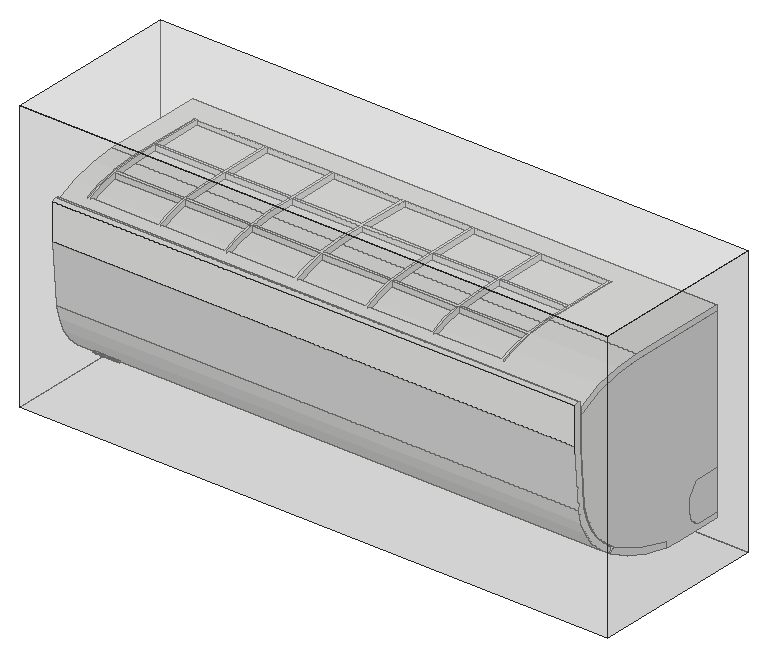
Revit family "outputfile", category 機械設備, Revit 2024
Family settings
  丸型コネクタ寸法 = 半径を使用
  パーツ タイプ = 標準
  OmniClass 番号 = 23.75.10.24.21.27.27
  OmniClass タイトル = Split System Air Conditioning Units
  作業面ベース = いいえ
  常に垂直 = はい
  ロード時にボイドで切り取り = いいえ
  注釈の向きを維持 = いいえ
  共有 = いいえ
  部屋計算ポイント = いいえ
Parameters (values of type "FXAQ20AVM")
  Description = ""
  製造元 = "Daikin"
  書き出し IFC クラス(タイプ) = "IfcUnitaryEquipmentType"
  定義済み IFC タイプ(タイプ) = "AIRCONDITIONINGUNIT"
  Cost = 0
  モデル = "FXAQ20AVM"
  Type Comments = ""
  Keynote = ""
  Type Image = (empty or 0)
  Assembly Code = ""
  w3_Indoor air flow = if(Width = 1050.0 mm, 109.0 mm, 1.0 mm)  # 1.0 mm
  w2_Indoor air flow = if(Width = 1050.0 mm, 103.0 mm, 98.0 mm)  # 98.0 mm
  w1_Indoor air flow = if(Width = 1050.0 mm, 108.0 mm, 103.0 mm)  # 103.0 mm
  r_Liquid Pipe Size = Liquid Pipe Size / 2  # 3.2 mm
  r_Gas Pipe Size = Gas Pipe Size / 2  # 6.35 mm
  r_Drain Pipe Size = Drain Pipe Size / 2  # 7.5 mm
  lw_powersupply [instance] = if(Width = 795.0 mm, if(or(Rear Right Connection_refrigerant, Bottom Right Connection_refrigerant), 83.0 mm, if(or(Rear Left Connection_refrigerant, Bottom Left Connection_refrigerant), 740.0 mm, 400.0 mm)), if(Width = 1050.0 mm, if(or(Rear Right Connection_refrigerant, Bottom Right Connection_refrigerant), 83.0 mm, if(or(Rear Left Connection_refrigerant, Bottom Left Connection_refrigerant), 712.0 mm + (1050.0 mm - 795.0 mm), 400.0 mm)), if(or(Rear Right Connection_refrigerant, Bottom Right Connection_refrigerant), 83.0 mm, if(or(Rear Left Connection_refrigerant, Bottom Left Connection_refrigerant), 712.0 mm, 400.0 mm))))  # 400.0 mm
  lw_liquidpipe [instance] = if(Width = 795.0 mm, if(or(Rear Right Connection_refrigerant, Bottom Right Connection_refrigerant), 0.0 mm, if(or(Rear Left Connection_refrigerant, Bottom Left Connection_refrigerant), 627.0 mm, 460.0 mm)), if(Width = 1050.0 mm, if(or(Rear Right Connection_refrigerant, Bottom Right Connection_refrigerant), 0.0 mm, if(or(Rear Left Connection_refrigerant, Bottom Left Connection_refrigerant), 627.0 mm + (1050.0 mm - 795.0 mm), 460.0 mm)), if(or(Rear Right Connection_refrigerant, Bottom Right Connection_refrigerant), 0.0 mm, if(or(Rear Left Connection_refrigerant, Bottom Left Connection_refrigerant), 627.0 mm, 460.0 mm))))  # 460.0 mm
  lw_gaspipe [instance] = if(Width = 795.0 mm, if(or(Rear Right Connection_refrigerant, Bottom Right Connection_refrigerant), 0.0 mm, if(or(Rear Left Connection_refrigerant, Bottom Left Connection_refrigerant), 620.0 mm, 415.0 mm)), if(Width = 1050.0 mm, if(or(Rear Right Connection_refrigerant, Bottom Right Connection_refrigerant), 0.0 mm, if(or(Rear Left Connection_refrigerant, Bottom Left Connection_refrigerant), 620.0 mm + (1050.0 mm - 795.0 mm), 415.0 mm)), if(or(Rear Right Connection_refrigerant, Bottom Right Connection_refrigerant), 0.0 mm, if(or(Rear Left Connection_refrigerant, Bottom Left Connection_refrigerant), 620.0 mm, 415.0 mm))))  # 415.0 mm
  lw_drainpipe [instance] = if(Width = 795.0 mm, if(or(Rear Right Connection_refrigerant, Bottom Right Connection_refrigerant), 0.0 mm, if(or(Rear Left Connection_refrigerant, Bottom Left Connection_refrigerant), 655.0 mm, 475.0 mm)), if(Width = 1050.0 mm, if(or(Rear Right Connection_refrigerant, Bottom Right Connection_refrigerant), 0.0 mm, if(or(Rear Left Connection_refrigerant, Bottom Left Connection_refrigerant), 655.0 mm + (1050.0 mm - 795.0 mm), 475.0 mm)), if(or(Rear Right Connection_refrigerant, Bottom Right Connection_refrigerant), 0.0 mm, if(or(Rear Left Connection_refrigerant, Bottom Left Connection_refrigerant), 655.0 mm, 475.0 mm))))  # 475.0 mm
  l_powersupply_length [instance] = if(Width = 795.0 mm, if(Right Connection_refrigerant, 400.0 mm, if(Left Connection_refrigerant, 395.0 mm, if(or(Rear Left Connection_refrigerant, Rear Right Connection_refrigerant), 15.0 mm, 50.0 mm))), if(Width = 1050.0 mm, if(Right Connection_refrigerant, 400.0 mm, if(Left Connection_refrigerant, 395.0 mm + (1050.0 mm - 795.0 mm), if(or(Rear Left Connection_refrigerant, Rear Right Connection_refrigerant), 15.0 mm, 50.0 mm))), if(Right Connection_refrigerant, 400.0 mm, if(Left Connection_refrigerant, 395.0 mm, if(or(Rear Left Connection_refrigerant, Rear Right Connection_refrigerant), 15.0 mm, 50.0 mm)))))  # 400.0 mm
  l_liquidpipe_length [instance] = if(Width = 795.0 mm, if(Right Connection_refrigerant, 558.0 mm, if(Left Connection_refrigerant, 237.0 mm, if(or(Rear Left Connection_refrigerant, Rear Right Connection_refrigerant), 30.0 mm, 40.0 mm))), if(Width = 1050.0 mm, if(Right Connection_refrigerant, 558.0 mm, if(Left Connection_refrigerant, 237.0 mm + (1050.0 mm - 795.0 mm), if(or(Rear Left Connection_refrigerant, Rear Right Connection_refrigerant), 30.0 mm, 40.0 mm))), if(Right Connection_refrigerant, 558.0 mm, if(Left Connection_refrigerant, 237.0 mm, if(or(Rear Left Connection_refrigerant, Rear Right Connection_refrigerant), 30.0 mm, 40.0 mm)))))  # 558.0 mm
  l_gaspipe_length [instance] = if(Width = 795.0 mm, if(Right Connection_refrigerant, 513.0 mm, if(Left Connection_refrigerant, 282.0 mm, if(or(Rear Left Connection_refrigerant, Rear Right Connection_refrigerant), 40.0 mm, 50.0 mm))), if(Width = 1050.0 mm, if(Right Connection_refrigerant, 513.0 mm, if(Left Connection_refrigerant, 282.0 mm + (1050.0 mm - 795.0 mm), if(or(Rear Left Connection_refrigerant, Rear Right Connection_refrigerant), 40.0 mm, 50.0 mm))), if(Right Connection_refrigerant, 513.0 mm, if(Left Connection_refrigerant, 282.0 mm, if(or(Rear Left Connection_refrigerant, Rear Right Connection_refrigerant), 40.0 mm, 50.0 mm)))))  # 513.0 mm
  l_drainpipe_length [instance] = if(Width = 795.0 mm, if(Right Connection_refrigerant, 573.0 mm, if(Left Connection_refrigerant, 222.0 mm, if(or(Rear Left Connection_refrigerant, Rear Right Connection_refrigerant), 15.0 mm, 20.0 mm))), if(Width = 1050.0 mm, if(Right Connection_refrigerant, 573.0 mm, if(Left Connection_refrigerant, 222.0 mm + (1050.0 mm - 795.0 mm), if(or(Rear Left Connection_refrigerant, Rear Right Connection_refrigerant), 15.0 mm, 20.0 mm))), if(Right Connection_refrigerant, 573.0 mm, if(Left Connection_refrigerant, 477.0 mm, if(or(Rear Left Connection_refrigerant, Rear Right Connection_refrigerant), 15.0 mm, 20.0 mm)))))  # 573.0 mm
  h*** = 0.0 mm  # constant formula
  d1_Indoor air flow = if(Width = 1050.0 mm, 38.0 mm, 35.0 mm)  # 35.0 mm
  angle_vertical [instance] = if(or(Bottom Left Connection_refrigerant, Bottom Right Connection_refrigerant), 0.00°, 90.00°)  # 90.00°
  angle_horizontal [instance] = if(Right Connection_refrigerant, 90.00°, if(Left Connection_refrigerant, -90.00°, if(or(Rear Left Connection_refrigerant, Rear Right Connection_refrigerant), 180.00°, 0.00°)))  # 90.00°
  Width = 795.0 mm
  Voltage_comment_60Hz = "220-230"
  Voltage_comment_50Hz = "220-240"
  Voltage_60Hz = 220 V
  Voltage_50Hz = 230 V
  Version = "ver.1.0"
  Unit Type = "Wall Mounted Type"
  Unit Mass Weight = 12.00 kg
  Unit Designation [instance] = ""
  Uniclass2015Version = "Products v1.30"
  Uniclass2015Title = "Variable refrigerant flow units"
  Uniclass2015Code = "Pr_70_65_03_94"
  URL = ""
  Total Heating Capacity [instance] = 0.000 kW
  Total Cooling Capacity [instance] = 0.000 kW
  Sound Pressure Level_M speed (dBA) = 0
  Sound Pressure Level_L speed (dBA) = 28.5
  Sound Pressure Level_H speed (dBA) = 33
  Sound Power Level_H speed (dB) = 0
  Series = "VRV Fan Coil Unit"
  Sensible Cooling Capacity [instance] = 0.000 kW
  Refrigerant Type = "R410A"
  Power Input (Heating) = 0.040 kW
  Power Input (Cooling) = 0.040 kW
  Phase_60Hz = 1
  Phase_50Hz = 1
  Option Accessory 3 [instance] = ""
  Option Accessory 2 [instance] = ""
  Option Accessory 1 [instance] = ""
  Nominal Heating Capacity = 2.500 kW
  Nominal Cooling Capacity = 2.200 kW
  Minimum Circuit Amps_60Hz = 0.6 A
  Minimum Circuit Amps_50Hz = 0.6 A
  Minimum Airflow = 420.00 m³/h
  Median Airflow = 0.00 m³/h
  Maximum Fuse Amps_60Hz = 15.0 A
  Maximum Fuse Amps_50Hz = 15.0 A
  Maximum Airflow = 546.00 m³/h
  Material_Casing = DAIKIN_White_Casing_indoorunit
  Load Classification = HVAC
  Liquid Pipe Size = 6.4 mm
  Link_Nested Family [instance] = ""
  IfcVersion = "0"
  IfcExportType = "AIRCONDITIONINGUNIT"
  IfcExportAs = "IfcUnitaryEquipmentType"
  Height = 290.0 mm
  Heating Entering Wet Bulb Temperature [instance] = 0.00 °C
  Heating Entering Dry Bulb Temperature [instance] = 0.00 °C
  Heating Ambient Wet Bulb Temperature [instance] = 0.00 °C
  Heating Ambient Dry Bulb Temperature [instance] = 0.00 °C
  Heat Exchanger Type = "Cross Fin Coil"
  Gas Pipe Size = 12.7 mm
  Frequency_60Hz = 60 Hz
  Frequency_50Hz = 50 Hz
  Fan Type = "Cross Flow Fan"
  Fan Drive = "Direct Drive"
  FCU Tag No. [instance] = ""
  Drain Pipe Size = 15.0 mm
  Design Supply Airflow [instance] = 0.00 m³/h
  Depth = 266.0 mm
  既定の高さ = 0.0 mm
  Cooling Entering Wet Bulb Temperature [instance] = 0.00 °C
  Cooling Entering Dry Bulb Temperature [instance] = 0.00 °C
  Cooling Ambient Wet Bulb Temperature [instance] = 0.00 °C
  Cooling Ambient Dry Bulb Temperature [instance] = 0.00 °C
  Clearance visibility [instance] = yes
  Clearance Top = 90.0 mm
  Clearance Right = 50.0 mm
  Clearance Rear = 0.0 mm
  Clearance Left = 50.0 mm
  Clearance Front = 0.0 mm
  Clearance Bottom = 30.0 mm
  Bottom Right Connection_refrigerant [instance] = no
  Bottom Left Connection_refrigerant [instance] = no
  Rear Right Connection_refrigerant [instance] = no
  Rear Left Connection_refrigerant [instance] = no
  Right Connection_refrigerant [instance] = yes
  Left Connection_refrigerant [instance] = no
Reference planes
  plane 1 "Back": y = 0
  plane 2: z = 0
  plane 3 "Center (Left/Right)": x = 0
  plane 4 "Center (Front/Back)": y = -133
  plane 5 "Front": y = -266
  plane 6 "Left": x = -397.5
  plane 7 "Right": x = 397.5
  plane 8 "Top": z = 0
  plane 9 "Bottom": z = -290
  plane 10 "Front panel_Left": x = -395.5
  plane 11 "Front panel_Right": x = 395.5
  plane 12: x = 261.5
  plane 13: x = 256.5
  plane 14: x = -445.5
  plane 15: x = 445.5
  plane 16: y = 0
  plane 17: y = -266
  plane 18: z = 90
  plane 19: z = -320
  plane 20: y = -35
  plane 21: y = -111.5
  plane 22: y = -187.5
  plane 23: y = -237
  plane 24: y = -115
  plane 25: y = -191
  plane 26: x = -50
  plane 27: x = -52
  plane 28: x = -48
  plane 29: x = 55
  plane 30: x = -155
  plane 31: x = -158
  plane 32: x = 58
  plane 33: x = -256
  plane 34: x = 156
  plane 35: x = -259
  plane 36: x = 159
  plane 37: x = -362
  plane 38: x = 262
  plane 39: x = -365
  plane 40: x = 265
  plane 41: x = 266
  plane 42: x = -366
  plane 43 "lw_Piping and Wiring intake": x = 299.5
  plane 44 "lw_gaspipe": x = -115.5
  plane 45 "lw_liquidpipe": x = -160.5
  plane 46 "lw_drainpipe": x = -175.5
  plane 47 "lh_drainpipe": z = -270
  plane 48 "lh_liquidpipe": z = -250
  plane 49 "lh_gaspipe": z = -240
  plane 50 "ld_drainpipe": y = -15
  plane 51 "ld_liquidpipe": y = -30
  plane 52 "ld_gaspipe": y = -40
  plane 53 "lw_powersupply": x = -2.5
Forms (mm)
  Extrusion 1, solid, material "DAIKIN_White_Casing_indoorunit" <- "Material_Casing"
    sketch origin (0, 0, 0) x (0, 1, 0) y (0, 0, 1)
      loop
        line (0, 0) -> (-151.682, 0)
        arc (-151.682, 0) -> (-205.302, -6.828) -> (-255.5, -26.876) r 213.958
        line (-255.5, -26.876) -> (-255.5, -36.08)
        arc (-255.5, -36.08) -> (-205.456, -15.144) -> (-151.682, -8) r 205.958
        line (-151.682, -8) -> (0, -8) -> (0, 0)
    from -397.5 to 397.5
  Extrusion 2, solid, material "DAIKIN_White_Casing_indoorunit" <- "Material_Casing"
    sketch origin (0, 0, 0) x (0, 1, 0) y (0, 0, 1)
      loop
        arc (-151.682, -8) -> (-205.456, -15.144) -> (-255.5, -36.08) r 205.958
        line (-255.5, -36.08) -> (-255.5, -86.08)
        arc (-255.5, -86.08) -> (-253.87, -125.667) -> (-248.99, -164.986) r 481.435
        arc (-248.99, -164.986) -> (-230.945, -209.78) -> (-195.65, -242.741) r 111.486
        arc (-195.65, -242.741) -> (-147.09, -265.96) -> (-95.247, -280.433) r 310.126
        line (-95.247, -280.433) -> (-95.247, -288.232)
        arc (-95.247, -288.232) -> (-84.534, -289.557) -> (-73.748, -290) r 131.592
        line (-73.748, -290) -> (0, -290) -> (0, -8) -> (-151.682, -8)
    from -397.5 to 397.5
  Extrusion 3, solid, material "DAIKIN_White_Casing_indoorunit" <- "Material_Casing"
    sketch origin (397.5, 1296.25, 1200) x (0, 1, 0) y (0, 0, 1)
      loop
        line (-1491.901, -1442.741) -> (-1496.494, -1450.482)
        arc (-1496.494, -1450.482) -> (-1447.058, -1474.911) -> (-1393.497, -1488.023) r 252.452
        line (-1393.497, -1488.023) -> (-1393.497, -1480.051)
        arc (-1393.497, -1480.051) -> (-1444.293, -1465.6) -> (-1491.901, -1442.741) r 310.126
    from 0 to -40.5
  Extrusion 4, solid, material "DAIKIN_White_Casing_indoorunit" <- "Material_Casing"
    sketch origin (0, 0, 0) x (0, 1, 0) y (0, 0, 1)
      loop
        line (-257, -76.896) -> (-257, -19.457) -> (-258.688, -19.457)
        arc (-258.688, -19.457) -> (-262.551, -20.17) -> (-266, -22.048) r 12.48
        line (-266, -22.048) -> (-266, -76.896) -> (-257, -76.896)
    from -395.5 to 395.5
  Extrusion 5, solid, material "DAIKIN_White_Casing_indoorunit" <- "Material_Casing"
    sketch origin (0, 0, 0) x (0, 1, 0) y (0, 0, 1)
      loop
        arc (-266, -76.896) -> (-264.342, -121.828) -> (-259.378, -166.517) r 609.735
        line (-259.378, -166.517) -> (-250.471, -165.192)
        arc (-250.471, -165.192) -> (-255.366, -121.165) -> (-257, -76.896) r 600.314
        line (-257, -76.896) -> (-266, -76.896)
    from -395.5 to 395.5
  Extrusion 6, solid, material "DAIKIN_White_Casing_indoorunit" <- "Material_Casing"
    sketch origin (0, 0, 0) x (0, 1, 0) y (0, 0, 1)
      loop
        arc (-259.378, -166.517) -> (-240.331, -214.672) -> (-201.947, -249.433) r 114
        line (-201.947, -249.433) -> (-197.324, -241.643)
        arc (-197.324, -241.643) -> (-232.845, -209.638) -> (-250.471, -165.192) r 104.894
        line (-250.471, -165.192) -> (-259.378, -166.517)
    from -395.5 to 395.5
  Extrusion 7, solid, material "DAIKIN_White_Casing_indoorunit" <- "Material_Casing"
    sketch origin (-397.5, 1296.25, 1200) x (0, 1, 0) y (0, 0, 1)
      loop
        arc (-1496.494, -1450.482) -> (-1447.058, -1474.911) -> (-1393.497, -1488.023) r 252.452
        line (-1393.497, -1488.023) -> (-1393.497, -1480.051)
        arc (-1393.497, -1480.051) -> (-1444.293, -1465.6) -> (-1491.901, -1442.741) r 310.126
        line (-1491.901, -1442.741) -> (-1496.494, -1450.482)
    from 0 to 40.5
  Extrusion 8, solid, material "DAIKIN_White_Casing_indoorunit" <- "Material_Casing"
    sketch origin (0, 0, 0) x (0, 1, 0) y (0, 0, 1)
      loop
        arc (-133.049, -280.649) -> (-115.282, -284.985) -> (-97.247, -288.023) r 252.452
        line (-97.247, -288.023) -> (-97.247, -280.051)
        arc (-97.247, -280.051) -> (-113.907, -276.335) -> (-130.338, -271.708) r 310.126
        line (-130.338, -271.708) -> (-133.049, -280.649)
    from -357 to 357
  Extrusion 9, solid, material "DAIKIN_White_Casing_indoorunit" <- "Material_Casing"
    sketch origin (261.5, -1524, 1789.769) x (0, 0, 1) y (0, -1, 0)
      loop
        line (-2032.51, -1328.35) -> (-2040.251, -1323.756)
        arc (-2040.251, -1323.756) -> (-2050.358, -1341.058) -> (-2059.061, -1359.107) r 252.452
        line (-2059.061, -1359.107) -> (-2050.603, -1364.126)
        arc (-2050.603, -1364.126) -> (-2042.135, -1345.945) -> (-2032.51, -1328.35) r 310.126
    from 0 to 95.5
  Extrusion 10, solid, material "DAIKIN_White_Casing_indoorunit" <- "Material_Casing"
    sketch origin (261.5, -1524, 1789.769) x (0, 0, 1) y (0, -1, 0)
      loop
        arc (-2059.061, -1359.107) -> (-2065.273, -1374.839) -> (-2070.418, -1390.951) r 252.452
        line (-2070.418, -1390.951) -> (-2061.477, -1393.662)
        arc (-2061.477, -1393.662) -> (-2056.415, -1378.756) -> (-2050.603, -1364.126) r 310.126
        line (-2050.603, -1364.126) -> (-2059.061, -1359.107)
    from 0 to 95.5
  Extrusion 11, solid, material "DAIKIN_White_Casing_indoorunit" <- "Material_Casing"
    sketch origin (256.5, -1524, 1089.438) x (0, 0, 1) y (0, -1, 0)
      loop
        arc (-1350.272, -1364.126) -> (-1341.805, -1345.945) -> (-1332.179, -1328.35) r 310.126
        line (-1332.179, -1328.35) -> (-1339.92, -1323.756)
        arc (-1339.92, -1323.756) -> (-1350.027, -1341.058) -> (-1358.73, -1359.107) r 252.452
        line (-1358.73, -1359.107) -> (-1350.272, -1364.126)
    from 0 to -613.5
  Extrusion 12, solid, material "DAIKIN_White_Casing_indoorunit" <- "Material_Casing"
    sketch origin (256.5, -1524, 1089.438) x (0, 0, 1) y (0, -1, 0)
      loop
        arc (-1361.147, -1393.662) -> (-1356.085, -1378.756) -> (-1350.272, -1364.126) r 310.126
        line (-1350.272, -1364.126) -> (-1358.73, -1359.107)
        arc (-1358.73, -1359.107) -> (-1364.943, -1374.839) -> (-1370.087, -1390.951) r 252.452
        line (-1370.087, -1390.951) -> (-1361.147, -1393.662)
    from 0 to -613.5
  Extrusion 13, void
    sketch origin (0, 0, 0) x (-1, 0, 0) y (0, -1, 0)
      loop
        line (48, 35) -> (48, 111.5) -> (-55, 111.5) -> (-55, 35) -> (48, 35)
      loop
        line (-58, 35) -> (-58, 111.5) -> (-156, 111.5) -> (-156, 35) -> (-58, 35)
      loop
        line (-159, 35) -> (-159, 111.5) -> (-262, 111.5) -> (-262, 35) -> (-159, 35)
      loop
        line (-265, 35) -> (-265, 111.5) -> (-266, 111.5) -> (-266, 35) -> (-265, 35)
      loop
        line (155, 35) -> (155, 111.5) -> (52, 111.5) -> (52, 35) -> (155, 35)
      loop
        line (-265, 115) -> (-265, 187.5) -> (-266, 187.5) -> (-266, 115) -> (-265, 115)
      loop
        line (-265, 191) -> (-265, 237) -> (-266, 237) -> (-266, 191) -> (-265, 191)
      loop
        line (-159, 237) -> (-262, 237) -> (-262, 191) -> (-159, 191) -> (-159, 237)
      loop
        line (-58, 237) -> (-156, 237) -> (-156, 191) -> (-58, 191) -> (-58, 237)
      loop
        line (-55, 191) -> (48, 191) -> (48, 237) -> (-55, 237) -> (-55, 191)
      loop
        line (155, 237) -> (52, 237) -> (52, 191) -> (155, 191) -> (155, 237)
      loop
        line (256, 237) -> (158, 237) -> (158, 191) -> (256, 191) -> (256, 237)
      loop
        line (362, 237) -> (259, 237) -> (259, 191) -> (362, 191) -> (362, 237)
      loop
        line (158, 35) -> (256, 35) -> (256, 111.5) -> (158, 111.5) -> (158, 35)
      loop
        line (259, 35) -> (362, 35) -> (362, 111.5) -> (259, 111.5) -> (259, 35)
      loop
        line (362, 115) -> (362, 187.5) -> (259, 187.5) -> (259, 115) -> (362, 115)
      loop
        line (256, 115) -> (256, 187.5) -> (158, 187.5) -> (158, 115) -> (256, 115)
      loop
        line (155, 115) -> (155, 187.5) -> (52, 187.5) -> (52, 115) -> (155, 115)
      loop
        line (48, 115) -> (48, 187.5) -> (-55, 187.5) -> (-55, 115) -> (48, 115)
      loop
        line (-58, 115) -> (-58, 187.5) -> (-156, 187.5) -> (-156, 115) -> (-58, 115)
      loop
        line (-159, 115) -> (-159, 187.5) -> (-262, 187.5) -> (-262, 115) -> (-159, 115)
      loop
        line (365, 35) -> (366, 35) -> (366, 111.5) -> (365, 111.5) -> (365, 35)
      loop
        line (366, 115) -> (366, 187.5) -> (365, 187.5) -> (365, 115) -> (366, 115)
      loop
        line (366, 237) -> (365, 237) -> (365, 191) -> (366, 191) -> (366, 237)
    from 2 to -30
  Extrusion 14, solid, material "DAIKIN_White_Casing_indoorunit" <- "Material_Casing"
    sketch origin (0, 0, 0) x (1, 0, 0) y (0, 0, 1)
      loop
        circle (299.5, -246) r 40
      loop
        circle (-337.5, -246) r 40
    from 0 to 5
  Extrusion 15, solid, material "DAIKIN_White_Casing_indoorunit" <- "Material_Casing"
    sketch origin (397.5, 1296.25, 1200) x (0, -1, 0) y (0, 0, 1)
      loop
        line (1326.25, -1422) -> (1296.25, -1422) -> (1296.25, -1482) -> (1326.25, -1482)
        arc (1326.25, -1482) -> (1340.393, -1476.142) -> (1346.25, -1462) r 20
        line (1346.25, -1462) -> (1346.25, -1442)
        arc (1346.25, -1442) -> (1340.393, -1427.858) -> (1326.25, -1422) r 20
    from 0 to 5
  Extrusion 16, solid, material "DAIKIN_White_Casing_indoorunit" <- "Material_Casing"
    sketch origin (-397.5, 1296.25, 1200) x (0, 1, 0) y (0, 0, 1)
      loop
        line (-1296.25, -1422) -> (-1326.25, -1422)
        arc (-1326.25, -1422) -> (-1340.393, -1427.858) -> (-1346.25, -1442) r 20
        line (-1346.25, -1442) -> (-1346.25, -1462)
        arc (-1346.25, -1462) -> (-1340.393, -1476.142) -> (-1326.25, -1482) r 20
        line (-1326.25, -1482) -> (-1296.25, -1482) -> (-1296.25, -1422)
    from 0 to 5
  Extrusion 17, solid, material "DAIKIN_White_Casing_indoorunit" <- "Material_Casing"
    sketch origin (0, 0, -290) x (-1, 0, 0) y (0, -1, 0)
      loop
        line (-269.5, 0) -> (-269.5, 30)
        arc (-269.5, 30) -> (-275.358, 44.142) -> (-289.5, 50) r 20
        line (-289.5, 50) -> (-309.5, 50)
        arc (-309.5, 50) -> (-323.642, 44.142) -> (-329.5, 30) r 20
        line (-329.5, 30) -> (-329.5, 0) -> (-269.5, 0)
      loop
        line (367.5, 0) -> (367.5, 30)
        arc (367.5, 30) -> (361.642, 44.142) -> (347.5, 50) r 20
        line (347.5, 50) -> (327.5, 50)
        arc (327.5, 50) -> (313.358, 44.142) -> (307.5, 30) r 20
        line (307.5, 30) -> (307.5, 0) -> (367.5, 0)
    from 0 to 5
Cuts and joins
  joined: Extrusion 4, Extrusion 5, Extrusion 6
  joined: Extrusion 3, Extrusion 7, Extrusion 8
  Extrusion 13 cuts Extrusion 1
Lines and regions (mm)
  reference lines
    curve 1: line (-395.5, -227.394, -229.966) -> (-395.5, -220.117, -236.824)
Dimensions and locks
  equal spacing: plane 6 "Left", plane 3 "Center (Left/Right)", plane 7 "Right"
  "Width": plane 6 "Left" to plane 7 "Right"
  equal spacing: plane 5 "Front", plane 4 "Center (Front/Back)", plane 1 "Back"
  "Depth": plane 5 "Front" to plane 1 "Back"
  "Height": plane 8 "Top" to plane 9 "Bottom"
  locked: Extrusion 1 sketch curve to Extrusion 1 sketch curve at 8
  locked: Extrusion 2 sketch curve to plane 1 "Back" at 73.748
  locked: Extrusion 3 sketch curve to plane 1 "Back" at 97.247
  locked: Extrusion 4 sketch curve to Extrusion 4 sketch curve at 9
  locked: plane 8 "Top" to Extrusion 4 sketch curve at 19.457
  locked: plane 5 "Front" to Extrusion 6 sketch curve at 6.622
  locked: plane 5 "Front" to Extrusion 6 sketch curve at 15.529
  locked: plane 10 "Front panel_Left" to plane 6 "Left" at 2
  locked: plane 7 "Right" to plane 11 "Front panel_Right" at 2
  locked: cut or joined group of Extrusion 3, Extrusion 7, Extrusion 8 to Extrusion 9 sketch curve at 40
  locked: plane 7 "Right" to plane 12 at 136
  locked: plane 12 to plane 13 at 5
  "Clearance Left": plane 14 to plane 10 "Front panel_Left"
  "Clearance Right": plane 11 "Front panel_Right" to plane 15
  "Clearance Rear": plane 16 to plane 1 "Back"
  "Clearance Front": plane 17 to plane 5 "Front"
  "Clearance Top": plane 18 to plane 8 "Top"
  "Clearance Bottom": plane 9 "Bottom" to plane 19
  locked: nested 2 to plane 10 "Front panel_Left" at 50
  "d1_Indoor air flow": plane 20 to plane 1 "Back"
  locked: plane 20 to plane 21 at 76.5
  locked: plane 21 to plane 24 at 3.5
  locked: plane 24 to plane 22 at 72.5
  locked: plane 22 to plane 25 at 3.5
  locked: plane 25 to plane 23 at 46
  locked: plane 26 to plane 3 "Center (Left/Right)" at 50
  equal spacing: plane 27, plane 26, plane 28
  locked: plane 27 to plane 28 at 4
  "w1_Indoor air flow": plane 28 to plane 29
  "w1_Indoor air flow": plane 30 to plane 27
  locked: plane 31 to plane 30 at 3
  locked: plane 29 to plane 32 at 3
  "w2_Indoor air flow": plane 33 to plane 31
  "w2_Indoor air flow": plane 32 to plane 34
  locked: plane 35 to plane 33 at 3
  locked: plane 34 to plane 36 at 3
  locked: plane 37 to plane 35 at 103
  locked: plane 36 to plane 38 at 103
  locked: plane 39 to plane 37 at 3
  locked: plane 38 to plane 40 at 3
  "w3_Indoor air flow": plane 40 to plane 41
  "w3_Indoor air flow": plane 42 to plane 39
  locked: plane 9 "Bottom" to Extrusion 14 sketch curve at 44  (x2)
  locked: Extrusion 14 sketch curve to plane 6 "Left" at 60
  locked: plane 7 "Right" to Extrusion 14 sketch curve at 98
  locked: plane 43 "lw_Piping and Wiring intake" to plane 7 "Right" at 98
  "lw_gaspipe": plane 44 "lw_gaspipe" to plane 43 "lw_Piping and Wiring intake"
  "lw_liquidpipe": plane 45 "lw_liquidpipe" to plane 43 "lw_Piping and Wiring intake"
  "lw_drainpipe": plane 46 "lw_drainpipe" to plane 43 "lw_Piping and Wiring intake"
  locked: plane 47 "lh_drainpipe" to plane 9 "Bottom" at 20
  locked: plane 48 "lh_liquidpipe" to plane 9 "Bottom" at 40
  locked: plane 49 "lh_gaspipe" to plane 9 "Bottom" at 50
  locked: plane 50 "ld_drainpipe" to plane 1 "Back" at 15
  locked: plane 1 "Back" to plane 51 "ld_liquidpipe" at 30
  locked: plane 1 "Back" to plane 52 "ld_gaspipe" at 40
  Extrusion 15 sketch curve to Extrusion 15 sketch curve to plane 9 "Bottom" = 60.0 mm locked, 8.0 mm locked
  locked: Extrusion 15 sketch curve to Extrusion 15 sketch curve at 50
  locked: Extrusion 17 sketch curve to Extrusion 17 sketch curve at 60  (x2)
  locked: Extrusion 17 sketch curve to Extrusion 17 sketch curve at 50
  locked: Extrusion 17 sketch curve to plane 43 "lw_Piping and Wiring intake" at 30
  locked: plane 6 "Left" to Extrusion 17 sketch curve at 30
  "lw_powersupply": plane 53 "lw_powersupply" to plane 7 "Right"
  radius of Extrusion 5 sketch curve = 609.735 mm
  radius of Extrusion 5 sketch curve = 600.314 mm
  aligned and locked: level to plane 2
  aligned and locked: plane 8 "Top" to Extrusion 1 sketch curve
  aligned and locked: plane 1 "Back" to Extrusion 1 sketch curve
  aligned and locked: Extrusion 1 to plane 6 "Left"
  aligned and locked: plane 7 "Right" to Extrusion 1
  aligned and locked: Extrusion 2 sketch curve to Extrusion 1
  aligned and locked: Extrusion 1 to Extrusion 2 sketch curve
  aligned and locked: plane 1 "Back" to Extrusion 2 sketch curve
  aligned and locked: Extrusion 2 sketch curve to plane 9 "Bottom"
  aligned and locked: Extrusion 2 to plane 6 "Left"
  aligned and locked: plane 7 "Right" to Extrusion 2
  aligned and locked: Extrusion 3 sketch curve to Extrusion 2
  aligned and locked: plane 5 "Front" to Extrusion 4 sketch curve
  aligned and locked: Extrusion 5 sketch curve to Extrusion 4
  aligned and locked: Extrusion 6 sketch curve to Extrusion 5
  aligned and locked: cut or joined group of Extrusion 4, Extrusion 5, Extrusion 6 to plane 11 "Front panel_Right"  (x3)
  aligned and locked: plane 10 "Front panel_Left" to cut or joined group of Extrusion 4, Extrusion 5, Extrusion 6  (x3)
  aligned and locked: Extrusion 7 sketch curve to Extrusion 3  (x4)
  aligned and locked: Extrusion 8 sketch curve to Extrusion 3  (x3)
  aligned and locked: Extrusion 8 to Extrusion 3
  aligned and locked: Extrusion 8 to Extrusion 7
  aligned and locked: Extrusion 9 sketch curve to cut or joined group of Extrusion 3, Extrusion 7, Extrusion 8  (x3)
  aligned and locked: Extrusion 10 sketch curve to cut or joined group of Extrusion 3, Extrusion 7, Extrusion 8  (x3)
  aligned and locked: Extrusion 10 sketch curve to Extrusion 9
  aligned and locked: Extrusion 9 to cut or joined group of Extrusion 3, Extrusion 7, Extrusion 8
  aligned and locked: Extrusion 10 to cut or joined group of Extrusion 3, Extrusion 7, Extrusion 8
  aligned and locked: Extrusion 11 sketch curve to Extrusion 9  (x4)
  aligned and locked: Extrusion 11 to cut or joined group of Extrusion 3, Extrusion 7, Extrusion 8
  aligned and locked: Extrusion 12 sketch curve to Extrusion 10  (x4)
  aligned and locked: Extrusion 12 to cut or joined group of Extrusion 3, Extrusion 7, Extrusion 8
  aligned and locked: plane 16 to nested 1
  aligned and locked: nested 1 to plane 17
  aligned and locked: plane 14 to nested 1
  aligned and locked: plane 15 to nested 1
  aligned and locked: plane 19 to nested 1
  aligned and locked: plane 18 to nested 1
  aligned and locked: nested 2 to curve 1
  aligned and locked: Extrusion 13 sketch curve to plane 20  (x5)
  aligned and locked: plane 28 to Extrusion 13 sketch curve  (x2)
  aligned and locked: plane 21 to Extrusion 13 sketch curve  (x5)
  aligned and locked: Extrusion 13 sketch curve to plane 29  (x2)
  aligned and locked: plane 32 to Extrusion 13 sketch curve  (x2)
  aligned and locked: Extrusion 13 sketch curve to plane 34  (x2)
  aligned and locked: plane 36 to Extrusion 13 sketch curve  (x2)
  aligned and locked: Extrusion 13 sketch curve to plane 38  (x2)
  aligned and locked: plane 40 to Extrusion 13 sketch curve  (x3)
  aligned and locked: Extrusion 13 sketch curve to plane 41  (x3)
  aligned and locked: plane 30 to Extrusion 13 sketch curve  (x2)
  aligned and locked: Extrusion 13 sketch curve to plane 27  (x2)
  aligned and locked: Extrusion 13 sketch curve to plane 24  (x8)
  aligned and locked: plane 22 to Extrusion 13 sketch curve  (x8)
  aligned and locked: Extrusion 13 sketch curve to plane 25
  aligned and locked: plane 23 to Extrusion 13 sketch curve
  aligned and locked: Extrusion 13 sketch curve to plane 23  (x7)
  aligned and locked: Extrusion 13 sketch curve to plane 36
  aligned and locked: plane 25 to Extrusion 13 sketch curve  (x7)
  aligned and locked: plane 38 to Extrusion 13 sketch curve
  aligned and locked: Extrusion 13 sketch curve to plane 32
  aligned and locked: plane 34 to Extrusion 13 sketch curve
  aligned and locked: plane 29 to Extrusion 13 sketch curve
  aligned and locked: Extrusion 13 sketch curve to plane 28
  aligned and locked: Extrusion 13 sketch curve to plane 30
  aligned and locked: plane 27 to Extrusion 13 sketch curve
  aligned and locked: Extrusion 13 sketch curve to plane 33  (x2)
  aligned and locked: plane 31 to Extrusion 13 sketch curve  (x2)
  aligned and locked: Extrusion 13 sketch curve to plane 37  (x2)
  aligned and locked: plane 35 to Extrusion 13 sketch curve  (x2)
  aligned and locked: plane 20 to Extrusion 13 sketch curve  (x3)
  aligned and locked: Extrusion 13 sketch curve to plane 21  (x3)
  aligned and locked: plane 37 to Extrusion 13 sketch curve
  aligned and locked: Extrusion 13 sketch curve to plane 35
  aligned and locked: plane 33 to Extrusion 13 sketch curve
  aligned and locked: Extrusion 13 sketch curve to plane 31
  aligned and locked: plane 39 to Extrusion 13 sketch curve  (x2)
  aligned and locked: Extrusion 13 sketch curve to plane 42  (x2)
  aligned and locked: plane 42 to Extrusion 13 sketch curve
  aligned and locked: Extrusion 13 sketch curve to plane 39
  aligned and locked: plane 1 "Back" to Extrusion 15 sketch curve
  aligned and locked: Extrusion 16 sketch curve to Extrusion 15  (x4)
  aligned and locked: Extrusion 17 sketch curve to Extrusion 17 sketch curve  (x2)
  aligned and locked: plane 1 "Back" to Extrusion 17 sketch curve
  aligned and locked: plane 44 "lw_gaspipe" to nested 3
  aligned and locked: nested 3 to plane 52 "ld_gaspipe"
  aligned and locked: plane 45 "lw_liquidpipe" to nested 4
  aligned and locked: nested 4 to plane 51 "ld_liquidpipe"
  aligned and locked: plane 46 "lw_drainpipe" to nested 5
  aligned and locked: nested 5 to plane 50 "ld_drainpipe"
  aligned and locked: nested 6 to plane 50 "ld_drainpipe"
  aligned and locked: plane 53 "lw_powersupply" to nested 6
  aligned and locked: level to plane 8 "Top"
Automatic sketch dimensions
  Extrusion 1 sketch curve to plane 8 "Top" = 0.0 mm
  Extrusion 1 sketch curve to plane 4 "Center (Front/Back)" = 18.682 mm
  Extrusion 1 sketch curve to Extrusion 1 sketch curve = 9.205 mm
  Extrusion 1 sketch curve to Extrusion 1 sketch curve = 0.0 mm  (x3)
  Extrusion 1 sketch curve to plane 5 "Front" = 10.5 mm
  Extrusion 2 sketch curve to plane 4 "Center (Front/Back)" = 6.011 mm
  plane 9 "Bottom" to Extrusion 2 sketch curve = 9.567 mm
  Extrusion 2 sketch curve to Extrusion 2 sketch curve = 21.499 mm
  plane 1 "Back" to Extrusion 2 sketch curve = 38.095 mm
  Extrusion 2 sketch curve to plane 8 "Top" = 86.08 mm
  Extrusion 2 sketch curve to Extrusion 2 sketch curve = 7.799 mm
  Extrusion 2 sketch curve to Extrusion 2 sketch curve = 11.695 mm
  plane 8 "Top" to Extrusion 2 sketch curve = 24.382 mm
  Extrusion 2 sketch curve to Extrusion 2 sketch curve = 0.0 mm  (x2)
  Extrusion 4 sketch curve to Extrusion 4 sketch curve = 1.688 mm
  Extrusion 4 sketch curve to plane 5 "Front" = 7.618 mm
  Extrusion 4 sketch curve to Extrusion 4 sketch curve = 12.476 mm
  Extrusion 4 sketch curve to Extrusion 4 sketch curve = 44.963 mm
  Extrusion 5 sketch curve to Extrusion 5 sketch curve = 0.421 mm
  Extrusion 5 sketch curve to plane 5 "Front" = 6.622 mm
  Extrusion 5 sketch curve to Extrusion 5 sketch curve = 8.907 mm
  Extrusion 5 sketch curve to plane 5 "Front" = 0.0 mm
  plane 9 "Bottom" to Extrusion 6 sketch curve = 40.567 mm
  Extrusion 6 sketch curve to Extrusion 6 sketch curve = 4.622 mm
  Extrusion 6 sketch curve to Extrusion 6 sketch curve = 0.102 mm
  Extrusion 6 sketch curve to Extrusion 6 sketch curve = 0.003 mm
  Extrusion 6 sketch curve to Extrusion 6 sketch curve = 48.524 mm
  Extrusion 6 sketch curve to Extrusion 6 sketch curve = 50.607 mm
  plane 9 "Bottom" to Extrusion 3 sketch curve = 47.259 mm
  Extrusion 3 sketch curve to Extrusion 3 sketch curve = 4.593 mm
  plane 1 "Back" to Extrusion 3 sketch curve = 64.356 mm
  plane 9 "Bottom" to Extrusion 3 sketch curve = 1.977 mm
  Extrusion 3 sketch curve to Extrusion 3 sketch curve = 7.741 mm
  plane 4 "Center (Front/Back)" to Extrusion 8 sketch curve = 2.662 mm
  Extrusion 8 sketch curve to plane 4 "Center (Front/Back)" = 0.049 mm
  plane 9 "Bottom" to curve 1 = 53.176 mm
  curve 1 to plane 5 "Front" = 45.883 mm
  curve 1 to curve 1 = 6.859 mm
  curve 1 to curve 1 = 7.277 mm
  Extrusion 15 sketch curve to plane 51 "ld_liquidpipe" = 0.0 mm  (x2)
  Extrusion 17 sketch curve to plane 51 "ld_liquidpipe" = 0.0 mm  (x4)
  radius of Extrusion 14 sketch curve = 40.0 mm  (x2)
Nested families
  nested 1: "daikin_clearancespace" at (0, -133, -114.881), show <- "Clearance visibility", visible <- "Clearance visibility", Link_Nested Family <- "Link_Nested Family", type "daikin_clearancespace"
    with width 891.0 mm, show yes, height 410.0 mm, depth 266.0 mm, Link_Nested Family ""
  nested 2: "daikin_logo_plane_w40" at (-345.5, -227.722, -229.657) x (1, 0, 0) z (0, -0.6859, -0.7277), type "daikin_logo_plane_w40"
    with show_logo yes
  nested 3: "daikin_connector_rotate3" at (-115.5, -40, -240), angle_vertical <- "angle_vertical", angle_horizontal <- "angle_horizontal", length <- "l_gaspipe_length", radius <- "r_Gas Pipe Size", type "daikin_connector_rotate3"
    with show no, radius 6.35 mm, length 513.0 mm, angle_vertical 90.00°, angle_horizontal 90.00°
  nested 4: "daikin_connector_rotate3" at (-160.5, -30, -250), angle_vertical <- "angle_vertical", angle_horizontal <- "angle_horizontal", radius <- "r_Liquid Pipe Size", length <- "l_liquidpipe_length", type "daikin_connector_rotate3"
    with show no, radius 3.2 mm, length 558.0 mm, angle_vertical 90.00°, angle_horizontal 90.00°
  nested 5: "daikin_connector_rotate3" at (-175.5, -15, -270), angle_vertical <- "angle_vertical", angle_horizontal <- "angle_horizontal", length <- "l_drainpipe_length", radius <- "r_Drain Pipe Size", type "daikin_connector_rotate3"
    with show no, radius 7.5 mm, length 573.0 mm, angle_vertical 90.00°, angle_horizontal 90.00°
  nested 6: "daikin_connector_rotate3" at (-2.5, -15, -240), angle_vertical <- "angle_vertical", angle_horizontal <- "angle_horizontal", length <- "l_powersupply_length", type "daikin_connector_rotate3"
    with show no, radius 10.0 mm, length 400.0 mm, angle_vertical 90.00°, angle_horizontal 90.00°
Connectors
  piping at (397.5, -40, -240), diameter 12.7, driven by "r_Gas Pipe Size"
    settings: on nested 3, index 1, connector inside diameter 609.6 mm, connector length 0.0 mm, flow factor 0, pipe flow 0.00 m³/h, pressure drop 0.0 Pa, fitting loss kfactor 0, connector angle 0.00°, fixture units 0, engagement length 0.0 mm, angle of deflection 0.00°, flow configuration 1, flow direction 2, fitting loss method 0, system type 29, joint type 0, gender type 0, connector reference index -1, connector utility 0, adjustable connector no, is connector primary yes, connector description "Refrigerant Gas Piping"
  piping at (397.5, -30, -250), diameter 6.4, driven by "r_Liquid Pipe Size"
    settings: on nested 4, index 2, connector inside diameter 609.6 mm, connector length 0.0 mm, flow factor 0, pipe flow 0.00 m³/h, pressure drop 0.0 Pa, fitting loss kfactor 0, connector angle 0.00°, fixture units 0, engagement length 0.0 mm, angle of deflection 0.00°, flow configuration 1, flow direction 1, fitting loss method 0, system type 29, joint type 0, gender type 0, connector reference index -1, connector utility 0, adjustable connector no, is connector primary no, connector description "Refrigerant Liquid Piping"
  piping at (397.5, -15, -270), diameter 15, driven by "r_Drain Pipe Size"
    settings: on nested 5, index 3, connector inside diameter 609.6 mm, connector length 0.0 mm, flow factor 0, pipe flow 0.00 m³/h, pressure drop 0.0 Pa, fitting loss kfactor 0, connector angle 0.00°, fixture units 0, engagement length 0.0 mm, angle of deflection 0.00°, flow configuration 1, flow direction 2, fitting loss method 4, system type 16, joint type 0, gender type 0, connector reference index -1, connector utility 0, adjustable connector no, is connector primary no, connector description "Condensate Drain Piping"
  electrical at (397.5, -15, -240), driven by "Load Classification"
    settings: on nested 6, index 4, voltage 0 V, apparent load 0 VA, apparent load phase1 0 VA, apparent load phase2 0 VA, apparent load phase3 0 VA, power factor 1, load classification "HVAC", number of poles 1, system type 30, power factor state 1, is connector primary yes, connector utility no, sub classification motor no, connector description "Power Supply"
Definition of nested family "daikin_clearancespace"
  Parameters (values of type "daikin_clearancespace")
    Description = "daikin_clearancespace"
    width [instance] = 1823.963 mm
    show [instance] = yes
    material = none
    height [instance] = 1359.762 mm
    depth [instance] = 880.0 mm
    Default Elevation = 0.0 mm
    Link_Nested Family [instance] = ""
  Reference planes
    plane 1 "Center (Front/Back)": y = 0
    plane 2 "Center (Elevation)": z = -0.119
    plane 3 "Center (Left/Right)": x = 0
    plane 4: y = 440
    plane 5: y = -440
    plane 6 "Right": x = 911.982
    plane 7 "Left": x = -911.982
    plane 8 "Top": z = 679.762
    plane 9 "Bottom": z = -680
  Forms (mm)
    Extrusion 1, solid, material <- "material", visible <- "show"
      sketch origin (0, 0, 0) x (1, 0, 0) y (0, 1, 0)
        loop
          line (-911.982, 440) -> (-911.982, -440) -> (911.982, -440) -> (911.982, 440) -> (-911.982, 440)
      from -680 to 679.762
  Lines and regions (mm)
    symbolic lines, visible <- "show"
      curve 1: line (911.982, 440, 0) -> (-911.982, 440, 0)
      curve 2: line (-911.982, 440, 0) -> (-911.982, -440, 0)
      curve 3: line (-911.982, -440, 0) -> (911.982, -440, 0)
      curve 4: line (911.982, -440, 0) -> (911.982, 440, 0)
      curve 5: line (911.982, 0, 679.762) -> (-911.982, 0, 679.762)
      curve 6: line (911.982, 0, -680) -> (911.982, 0, 679.762)
      curve 7: line (-911.982, 0, -680) -> (911.982, 0, -680)
      curve 8: line (-911.982, 0, 679.762) -> (-911.982, 0, -680)
      curve 9: line (0, 440, 679.762) -> (0, -440, 679.762)
      curve 10: line (0, -440, 679.762) -> (0, -440, -680)
      curve 11: line (0, 440, -680) -> (0, 440, 679.762)
      curve 12: line (0, -440, -680) -> (0, 440, -680)
  Dimensions and locks
    "width": plane 7 "Left" to plane 6 "Right"
    "depth": plane 4 to plane 5
    "height": plane 8 "Top" to plane 9 "Bottom"
    equal spacing: plane 7 "Left", plane 3 "Center (Left/Right)", plane 6 "Right"
    equal spacing: plane 4, plane 1 "Center (Front/Back)", plane 5
    equal spacing: plane 8 "Top", plane 2 "Center (Elevation)", plane 9 "Bottom"
    aligned and locked: level to plane 2 "Center (Elevation)"
    aligned and locked: Extrusion 1 sketch curve to plane 4
    aligned and locked: plane 7 "Left" to Extrusion 1 sketch curve
    aligned and locked: Extrusion 1 sketch curve to plane 5
    aligned and locked: Extrusion 1 sketch curve to plane 6 "Right"
    aligned and locked: plane 8 "Top" to Extrusion 1
    aligned and locked: curve 1 to Extrusion 1
    aligned and locked: curve 2 to Extrusion 1
    aligned and locked: curve 3 to Extrusion 1
    aligned and locked: curve 4 to Extrusion 1
    aligned and locked: curve 5 to Extrusion 1
    aligned and locked: curve 6 to Extrusion 1
    aligned and locked: curve 7 to Extrusion 1
    aligned and locked: curve 8 to Extrusion 1
    aligned and locked: curve 9 to Extrusion 1
    aligned and locked: curve 10 to Extrusion 1
    aligned and locked: curve 11 to Extrusion 1
    aligned and locked: curve 12 to Extrusion 1
    aligned and locked: Extrusion 1 to plane 9 "Bottom"
Definition of nested family "daikin_logo_plane_w40"
  Parameters (values of type "daikin_logo_plane_w40")
    width = 40.0 mm
    show_logo [instance] = yes
    material = none
    height = 0.0 mm
    depth = 0.0 mm
    Default Elevation = 1219.2 mm
  Reference planes
    plane 1 "Center (Front/Back)": y = 0
    plane 2: z = 0
    plane 3 "Center (Left/Right)": x = 0
    plane 4: z = 2
    plane 5 "left": x = -19
    plane 6: x = 19
  Forms (mm)
    Extrusion 1, solid, visible <- "show_logo"
      sketch origin (-19, 0, 0) x (1, 0, 0) y (0, 1, 0)
        loop
          line (8.902, -1.878) -> (7.789, -6.332) -> (11.13, -6.332)
          arc (11.13, -6.332) -> (12.454, -6.064) -> (13.472, -5.176) r 2.642
          arc (13.472, -5.176) -> (13.92, -4.02) -> (13.767, -2.79) r 2.537
          arc (13.767, -2.79) -> (13.452, -2.342) -> (12.982, -2.06) r 1.321
          arc (12.982, -2.06) -> (12.063, -1.902) -> (11.13, -1.878) r 6.479
          line (11.13, -1.878) -> (8.902, -1.878)
        loop
          line (10.016, -5.441) -> (10.907, -5.441)
          arc (10.907, -5.441) -> (11.591, -4.983) -> (11.988, -4.261) r 1.742
          spline (11.988, -4.261) -> (12.01, -4.155) -> (12.027, -4.03) -> (12.037, -3.893) -> (12.037, -3.747) -> (12.026, -3.598) -> (12.002, -3.451) -> (11.962, -3.31) -> (11.905, -3.181) -> (11.829, -3.069) -> (11.731, -2.978) -> (11.61, -2.913) -> (11.464, -2.88)
          line (11.464, -2.88) -> (10.573, -2.88) -> (10.016, -5.441)
        loop
          line (13.58, -6.332) -> (14.805, -6.332) -> (15.223, -5.553) -> (16.977, -5.553) -> (17.144, -6.332) -> (19.149, -6.332) -> (18.258, -1.878) -> (16.03, -1.878) -> (13.58, -6.332)
        loop
          line (16.476, -3.214) -> (15.76, -4.551) -> (16.762, -4.551) -> (16.476, -3.214)
        loop
          line (19.705, -6.332) -> (21.599, -6.332) -> (22.712, -1.878) -> (20.819, -1.878) -> (19.705, -6.332)
        loop
          line (22.712, -6.332) -> (24.606, -6.332) -> (24.908, -5.122) -> (25.831, -6.332) -> (28.17, -6.332) -> (26.388, -3.994) -> (28.949, -1.878) -> (26.945, -1.878) -> (25.401, -3.153) -> (25.719, -1.878) -> (23.826, -1.878) -> (22.712, -6.332)
        loop
          line (29.84, -1.878) -> (28.615, -6.332) -> (30.62, -6.332) -> (31.734, -1.878) -> (29.84, -1.878)
        loop
          line (31.734, -6.332) -> (33.07, -6.332) -> (33.7, -3.814) -> (34.518, -6.332) -> (36.745, -6.332) -> (37.859, -1.878) -> (36.523, -1.878) -> (35.845, -4.589) -> (34.963, -1.878) -> (32.847, -1.878) -> (31.734, -6.332)
      from 0 to 2
    Extrusion 2, solid, visible <- "show_logo"
      sketch origin (-19, 0, 0) x (1, 0, 0) y (0, 1, 0)
        loop
          line (8.7, 0) -> (4.235, 0) -> (0, -3.879) -> (0, -8) -> (8.7, 0)
      from 0 to 2
    Extrusion 3, solid, visible <- "show_logo"
      sketch origin (-19, 0, 0) x (1, 0, 0) y (0, 1, 0)
        loop
          line (0, 0) -> (0, -3.879) -> (4.235, 0) -> (0, 0)
      from 0 to 2
  Dimensions and locks
    plane 4 to plane 2 = 2.0 mm
    equal spacing: plane 5 "left", plane 3 "Center (Left/Right)", plane 6
    locked: plane 5 "left" to plane 6 at 38
    aligned and locked: level to plane 2
    aligned and locked: Extrusion 3 to plane 1 "Center (Front/Back)"  (x2)
    aligned and locked: Extrusion 2 to plane 1 "Center (Front/Back)"  (x2)
    aligned and locked: plane 4 to Extrusion 1
    aligned and locked: plane 4 to Extrusion 3
    aligned and locked: plane 4 to Extrusion 2
    aligned and locked: Extrusion 3 to plane 5 "left"
    aligned and locked: Extrusion 2 to plane 5 "left"
  Automatic sketch dimensions
    Extrusion 1 sketch curve to Extrusion 1 sketch curve = 0.901 mm
    Extrusion 1 sketch curve to Extrusion 1 sketch curve = 1.559 mm
    Extrusion 1 sketch curve to Extrusion 1 sketch curve = 1.327 mm
    Extrusion 1 sketch curve to Extrusion 1 sketch curve = 2.145 mm
    Extrusion 1 sketch curve to Extrusion 1 sketch curve = 1.448 mm
    Extrusion 1 sketch curve to Extrusion 1 sketch curve = 2.116 mm
    Extrusion 1 sketch curve to Extrusion 1 sketch curve = 1.114 mm  (x4)
    Extrusion 1 sketch curve to Extrusion 1 sketch curve = 1.336 mm  (x2)
    plane 1 "Center (Front/Back)" to Extrusion 1 sketch curve = 1.878 mm  (x5)
    Extrusion 1 sketch curve to Extrusion 1 sketch curve = 1.893 mm  (x5)
    Extrusion 1 sketch curve to Extrusion 1 sketch curve = 0.891 mm  (x4)
    Extrusion 1 sketch curve to Extrusion 1 sketch curve = 2.005 mm  (x3)
    Extrusion 1 sketch curve to Extrusion 1 sketch curve = 0.445 mm  (x2)
    plane 1 "Center (Front/Back)" to Extrusion 1 sketch curve = 3.994 mm
    Extrusion 1 sketch curve to Extrusion 1 sketch curve = 0.557 mm  (x2)
    Extrusion 1 sketch curve to Extrusion 1 sketch curve = 2.339 mm  (x2)
    Extrusion 1 sketch curve to Extrusion 1 sketch curve = 1.225 mm  (x3)
    plane 1 "Center (Front/Back)" to Extrusion 1 sketch curve = 3.153 mm
    Extrusion 1 sketch curve to Extrusion 1 sketch curve = 0.987 mm
    plane 1 "Center (Front/Back)" to Extrusion 1 sketch curve = 5.122 mm
    Extrusion 1 sketch curve to Extrusion 1 sketch curve = 0.922 mm
    plane 1 "Center (Front/Back)" to Extrusion 1 sketch curve = 6.332 mm
    Extrusion 1 sketch curve to Extrusion 1 sketch curve = 2.562 mm
    plane 1 "Center (Front/Back)" to Extrusion 1 sketch curve = 5.553 mm
    Extrusion 1 sketch curve to Extrusion 1 sketch curve = 0.167 mm
    Extrusion 1 sketch curve to Extrusion 1 sketch curve = 0.215 mm
    plane 1 "Center (Front/Back)" to Extrusion 1 sketch curve = 3.214 mm
    Extrusion 1 sketch curve to Extrusion 1 sketch curve = 0.286 mm
    plane 1 "Center (Front/Back)" to Extrusion 1 sketch curve = 4.551 mm
    Extrusion 1 sketch curve to Extrusion 1 sketch curve = 1.002 mm
    Extrusion 1 sketch curve to Extrusion 1 sketch curve = 0.537 mm
    Extrusion 1 sketch curve to Extrusion 1 sketch curve = 0.418 mm
    Extrusion 1 sketch curve to Extrusion 1 sketch curve = 1.028 mm
    plane 1 "Center (Front/Back)" to Extrusion 1 sketch curve = 4.261 mm
    Extrusion 1 sketch curve to Extrusion 1 sketch curve = 0.563 mm
    plane 1 "Center (Front/Back)" to Extrusion 1 sketch curve = 2.88 mm
    Extrusion 1 sketch curve to Extrusion 1 sketch curve = 1.088 mm
    Extrusion 1 sketch curve to Extrusion 1 sketch curve = 2.152 mm
    Extrusion 1 sketch curve to Extrusion 1 sketch curve = 0.586 mm
    Extrusion 1 sketch curve to Extrusion 1 sketch curve = 0.118 mm
    Extrusion 1 sketch curve to Extrusion 1 sketch curve = 0.298 mm
    Extrusion 1 sketch curve to Extrusion 1 sketch curve = 0.334 mm
    Extrusion 1 sketch curve to Extrusion 1 sketch curve = 0.223 mm
    Extrusion 1 sketch curve to Extrusion 1 sketch curve = 0.266 mm
    Extrusion 1 sketch curve to Extrusion 1 sketch curve = 1.671 mm
    Extrusion 1 sketch curve to Extrusion 1 sketch curve = 2.227 mm
    Extrusion 1 sketch curve to Extrusion 1 sketch curve = 0.0 mm  (x7)
    Extrusion 1 sketch curve to Extrusion 1 sketch curve = 3.453 mm
    Extrusion 1 sketch curve to Extrusion 1 sketch curve = 2.017 mm
    Extrusion 1 sketch curve to Extrusion 1 sketch curve = 0.78 mm  (x2)
    Extrusion 1 sketch curve to Extrusion 1 sketch curve = 1.743 mm
    Extrusion 1 sketch curve to Extrusion 1 sketch curve = 0.775 mm
    Extrusion 1 sketch curve to Extrusion 1 sketch curve = 0.552 mm
    Extrusion 1 sketch curve to Extrusion 1 sketch curve = 0.014 mm
    Extrusion 1 sketch curve to Extrusion 1 sketch curve = 0.952 mm
    Extrusion 1 sketch curve to Extrusion 1 sketch curve = 1.215 mm
    Extrusion 1 sketch curve to Extrusion 1 sketch curve = 0.108 mm
    plane 1 "Center (Front/Back)" to Extrusion 2 sketch curve = 0.0 mm
    Extrusion 2 sketch curve to plane 3 "Center (Left/Right)" = 19.0 mm
    Extrusion 2 sketch curve to plane 3 "Center (Left/Right)" = 14.765 mm
    Extrusion 2 sketch curve to Extrusion 2 sketch curve = 4.465 mm
    plane 1 "Center (Front/Back)" to Extrusion 2 sketch curve = 3.879 mm
    Extrusion 2 sketch curve to Extrusion 2 sketch curve = 4.12 mm
    plane 1 "Center (Front/Back)" to Extrusion 3 sketch curve = 0.0 mm
    Extrusion 3 sketch curve to plane 3 "Center (Left/Right)" = 19.0 mm
    Extrusion 3 sketch curve to plane 3 "Center (Left/Right)" = 14.765 mm
    plane 1 "Center (Front/Back)" to Extrusion 3 sketch curve = 3.879 mm
    Extrusion 1 sketch curve to plane 3 "Center (Left/Right)" = 11.211 mm
    Extrusion 1 sketch curve to Extrusion 1 sketch curve = 1.782 mm
Definition of nested family "daikin_connector_rotate3"
  Parameters (values of type "daikin_connector_rotate3")
    show [instance] = yes
    radius [instance] = 10.0 mm
    length [instance] = 600.0 mm
    angle_horizontal [instance] = 60.00°
    angle_vertical [instance] = 90.00°
    Default Elevation = 1219.2 mm
  Reference planes
    plane 1 "Center (Front/Back)": y = 0
    plane 2: z = 0
    plane 3 "Center (Left/Right)": x = 0
  Dimensions and locks
    "angle_horizontal": angle plane 3 "Center (Left/Right)" to nested 1
    aligned and locked: level to plane 2
    aligned and locked: plane 1 "Center (Front/Back)" to nested 1  (x2)
    aligned and locked: plane 3 "Center (Left/Right)" to nested 1
  Nested families
    nested 1: "daikin_connector_rotate2" at (0, 0, 0) x (0.5, 0.866, 0) z (0, 0, 1), angle_vertical <- "angle_vertical", length <- "length", radius <- "radius", type "daikin_connector_rotate2"
      with radius 10.0 mm, length 600.0 mm, angle_vertical 90.00°
  Definition of nested family "daikin_connector_rotate2"
    Parameters (values of type "daikin_connector_rotate2")
      show_face = yes
      radius [instance] = 10.0 mm
      length [instance] = 600.0 mm
      d_surface = 10.0 mm
      angle_vertical [instance] = 90.00°
      Default Elevation = 0.0 mm
    Reference planes
      plane 1 "Center (Front/Back)": y = 0
      plane 2: z = 0
      plane 3 "Center (Left/Right)": x = 0
    Forms (mm)
      Extrusion 1, solid, visible <- "show_face"
        sketch origin (0, -600, 0) x (1, 0, 0) y (0, 0, 1)
          loop
            circle (0, 0) r 10
        from 0 to -10
    Lines and regions (mm)
      reference lines
        curve 1: line (0, 0, 0) -> (0, -600, 0)
      symbolic lines
        curve 2: circle (0, 0, 0) r 5 normal (0, 0, 1)
      model lines, visible <- "show_face"
        curve 3: line (0, 0, 0) -> (0, -600, 0)
    Dimensions and locks
      "length": curve 1 to curve 1
      "length": curve 3 to curve 3
      "d_surface": Extrusion 1 to Extrusion 1
      "radius": radius of Extrusion 1 sketch curve
      "angle_vertical": angle curve 1 to plane 1 "Center (Front/Back)"
      "angle_vertical": angle curve 3 to plane 1 "Center (Front/Back)"
      aligned and locked: level to plane 2
      aligned and locked: plane 1 "Center (Front/Back)" to curve 1
      aligned and locked: plane 2 to curve 1
      aligned and locked: plane 1 "Center (Front/Back)" to curve 2
      aligned and locked: plane 3 "Center (Left/Right)" to curve 2
      aligned and locked: plane 1 "Center (Front/Back)" to curve 3
      aligned and locked: plane 2 to curve 3
      aligned and locked: Extrusion 1 to Extrusion 1
    Automatic sketch dimensions
      Extrusion 1 sketch curve to level = 0.0 mm
      Extrusion 1 sketch curve to plane 3 "Center (Left/Right)" = 0.0 mm
      radius of curve 2 = 5.0 mm
